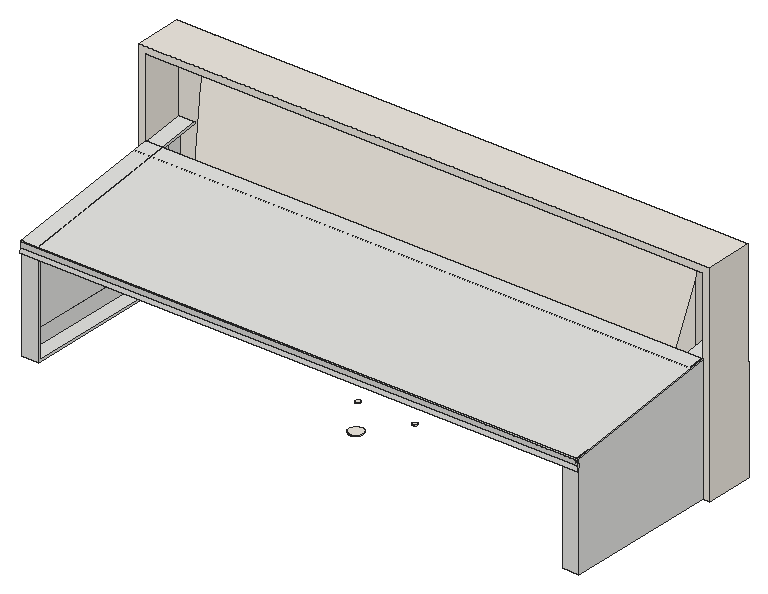
Revit family "Plumbing-Sink-Sloan-Valve-DSWD-82000", category Plumbing Fixtures, host Face, Revit 2019
Family settings
  Host = Face
  Round Connector Dimension = Use Diameter
  Part Type = Normal
  OmniClass Number = 23.45.05.14.14
  OmniClass Title = Sinks/Lavatories
  Cut with Voids When Loaded = No
  Shared = No
  Room Calculation Point = No
Parameters (values of type "DSWD-82000")
  Width = 60.00"  # constant formula
  Water Flow = 0.0 GPM
  Waste Connection = yes
  WFU = 2
  Vent Connection = no
  Valve Pressure Drop = 0.0 Pa
  URL = "www.sloanvalve.com"
  Sanitary Drain Connection Diameter = 1.50"
  Product data url = "https://bimobject.com/sloan_valve/product/sinks_designer-series_dswd-82000"
  Product Material = Sloan - Corian - Venaro White
  Product Guid = ""
  Part Number = ""
  Model = "DSWD-82000"
  Manufacturer = "Sloan Valve"  # constant formula
  Keynote = "10000"
  Hot Water Connection Diameter = 0.50"
  Height = 5.00"  # constant formula
  HWFU = 1.5
  HW Connection = yes
  z_Elevation [instance] = 34.00"  # constant formula
  Enclosure [instance] = yes
  Edition number = 1
  Description = "Designer Series™ 2-Station Wall-Mounted Weir Deck Sink."
  Depth = 22.00"  # constant formula
  Default Elevation = 0.00"  # constant formula
  Cold Water Connection Diameter = 0.50"
  CWFU = 1.5
  CW Connection = yes
  Assembly Code = "D2010400"
  ADA Compliant = 1 = 1  # yes
Reference planes (in)
  plane 1 "Center (Front/Back)": y = 0
  plane 2: z = 0
  plane 3 "Center (Left/Right)": x = 0
  plane 4: y = -14
  plane 5: y = -34
  plane 6: x = -15
  plane 7: z = 2.125
  plane 8: z = 2.75
  plane 9: x = -9
  plane 10: z = 2.125
  plane 11: x = 15
  plane 12: z = 2.75
  plane 13: x = 9
  plane 14: x = -30
  plane 15: x = 30
  plane 16: z = 22
Forms (in)
  Extrusion 1, solid, not visible
    sketch origin (0, 0, 0) x (1, 0, 0) y (0, 1, 0)
      loop
        circle (0, -14) r 0.75
      loop
        circle (3, -10) r 0.25
      loop
        circle (-3, -10) r 0.25
    from 0 to 0.50971
Dimensions and locks (in)
  plane 4 to plane 1 "Center (Front/Back)" = 14.00"
  "z_Elevation": plane 5 to plane 1 "Center (Front/Back)"
  aligned and locked: plane 2 to host face
  aligned and locked: level to host face
  aligned and locked: plane 3 "Center (Left/Right)" to nested 1
  aligned and locked: plane 1 "Center (Front/Back)" to nested 1
Automatic sketch dimensions
  host sketch curve to host sketch curve = 96.00"  (x2)
  Extrusion 1 sketch curve to plane 3 "Center (Left/Right)" = 0.00"
  Extrusion 1 sketch curve to plane 4 = 0.00"
  Extrusion 1 sketch curve to plane 3 "Center (Left/Right)" = 3.00"
  plane 3 "Center (Left/Right)" to Extrusion 1 sketch curve = 3.00"
  plane 4 to Extrusion 1 sketch curve = 4.00"  (x2)
  radius of Extrusion 1 sketch curve = 0.75"
  radius of Extrusion 1 sketch curve = 0.25"  (x2)
Nested families (in)
  nested 1: "Geometry" at (0, 0, 0), type "Geometry"
Connectors (in)
  piping at (0, -14, 0), diameter 1.5, driven by "WFU", driven by "Sanitary Drain Connection Diameter"
    settings: on Extrusion 1, index 2, connector inside diameter 24.00", connector length 0.00", flow factor 0, pipe flow 0.0 GPM, pressure drop 0.0 Pa, fitting loss kfactor 0, connector angle 0.00°, fixture units 2, engagement length 0.00", angle of deflection 0.00°, flow configuration 3, flow direction 2, fitting loss method 0, system type 16, joint type 0, gender type 0, connector reference index -1, connector utility 0, adjustable connector no, is connector primary yes, connector description "Sanitary Drain Connection"
  piping at (3, -10, 0), diameter 0.5, driven by "Cold Water Connection Diameter"
    settings: on Extrusion 1, index 3, connector inside diameter 24.00", connector length 0.00", flow factor 0, pipe flow 0.0 GPM, pressure drop 0.0 Pa, fitting loss kfactor 0, connector angle 0.00°, fixture units 1.5, engagement length 0.00", angle of deflection 0.00°, flow configuration 3, flow direction 1, fitting loss method 0, system type 20, joint type 0, gender type 0, connector reference index -1, connector utility 0, adjustable connector no, is connector primary no, connector description "Cold Water Connection"
  piping at (-3, -10, 0), diameter 0.5, driven by "Hot Water Connection Diameter"
    settings: on Extrusion 1, index 4, connector inside diameter 24.00", connector length 0.00", flow factor 0, pipe flow 0.0 GPM, pressure drop 0.0 Pa, fitting loss kfactor 0, connector angle 0.00°, fixture units 1.5, engagement length 0.00", angle of deflection 0.00°, flow configuration 3, flow direction 1, fitting loss method 0, system type 19, joint type 0, gender type 0, connector reference index -1, connector utility 0, adjustable connector no, is connector primary no, connector description "Hot Water Connection"
Definition of nested family "Geometry"
  Parameters (values of type "Geometry")
    URL = ""
    Product Material = none
    Model = ""
    Metal Material = none
    Manufacturer = ""
    Enclosure Material = none
    Enclosure = yes
    Description = ""
    Default Elevation = 34.00"
    Assembly Code = ""
  Reference planes (in)
    plane 1 "Center (Front/Back)": y = 0
    plane 2: z = 0
    plane 3 "Center (Left/Right)": x = 0
    plane 4: z = 22
    plane 5: z = 5
    plane 6: z = 7.5
    plane 7: x = 30
    plane 8: y = -5
    plane 9: y = -34
    plane 10: y = -14
    plane 11: z = 2.125
    plane 12: x = -30
    plane 13: y = -4
    plane 14: y = -10
    plane 15: x = -15
    plane 16: x = 15
  Forms (in)
    Extrusion 1, solid
      sketch origin (0, 0, 0) x (1, 0, 0) y (0, 1, 0)
        loop
          line (-48, 48) -> (-48, -48) -> (48, -48) -> (48, 48) -> (-48, 48)
      from 0 to -12
    Extrusion 2, solid, material <- "Product Material"
      sketch origin (-8.5, 0, 0) x (0, 1, 0) y (0, 0, 1)
        loop
          line (-5, 22) -> (-5, 21.25) -> (-0.98491, 21.25) -> (-4.57112, 8.25) -> (-5.75, 8.25) -> (-5.75, 4.25) -> (-0.75, 4.25) -> (-0.75, 0) -> (0, 0) -> (0, 5) -> (-5, 5) -> (-5, 7.5) -> (-4, 7.5) -> (0, 22) -> (-5, 22)
      from -17.5 to 34.5
    Sweep 3, solid, material <- "Product Material"
      path origin (15, 0, 0) x (1, 0, 0) y (0, 0, 1)
        loop
          line (15, 0) -> (15, 22) -> (11, 22)
      profile origin (30, 0, 22) x (0, 0, -1) y (0, -1, 0)
        loop
          line (0.75, 5) -> (0, 5) -> (0, 0) -> (0.75, 0) -> (0.75, 5)
    Extrusion 4, solid, material <- "Product Material"
      sketch origin (0, 0, 0) x (1, 0, 0) y (0, 0, 1)
        loop
          line (29.25, 22) -> (26, 22) -> (26, 0) -> (29.25, 0) -> (29.25, 22)
        loop
          line (-29.25, 22) -> (-29.25, 0) -> (-26, 0) -> (-26, 22) -> (-29.25, 22)
      from 0 to 0.75
    Sweep 5, solid, material <- "Product Material"
      path origin (0, 0, 0) x (-1, 0, 0) y (0, 0, 1)
        loop
          line (30, 0) -> (30, 22) -> (26, 22)
      profile origin (-30, 0, 22) x (0, 0, 1) y (0, -1, 0)
        loop
          line (-0.75, 5) -> (-0.75, 0) -> (0, 0) -> (0, 5) -> (-0.75, 5)
    Extrusion 6, solid, material <- "Metal Material"
      sketch origin (0, 0, 0) x (0, 1, 0) y (0, 0, 1)
        loop
          line (-4.5, 5.5625) -> (-4.5, 5.6875) -> (-5, 5.6875) -> (-5, 5.5625) -> (-4.5, 5.5625)
        loop
          line (-4.5, 6.1875) -> (-4.5, 6.3125) -> (-5, 6.3125) -> (-5, 6.1875) -> (-4.5, 6.1875)
        loop
          line (-4.5, 6.8125) -> (-4.5, 6.9375) -> (-5, 6.9375) -> (-5, 6.8125) -> (-4.5, 6.8125)
      from -24.25 to 24.25
    Extrusion 7, solid, material <- "Product Material"
      sketch origin (-17.5, 0, 0) x (1, 0, 0) y (0, 1, 0)
        loop
          line (-8.5, 0) -> (-8.5, -1.87117) -> (-7.13114, -5) -> (-6.75, -5) -> (-6.75, -4) -> (-8.5, 0)
      from 4.25 to 22
    Extrusion 8, solid, material <- "Product Material"
      sketch origin (17.5, 0, 0) x (-1, 0, 0) y (0, -1, 0)
        loop
          line (-8.5, 0) -> (-6.75, 4) -> (-6.75, 5) -> (-7.13114, 5) -> (-8.5, 1.87117) -> (-8.5, 0)
      from 4.25 to 22
    Extrusion 9, void
      sketch origin (0, 0, 0) x (0, 1, 0) y (0, 0, 1)
        loop
          line (-0.98491, 21.25) -> (-5, 21.25) -> (-5, 7.5) -> (-4.77801, 7.5) -> (-0.98491, 21.25)
      from -26 to 26
    Extrusion 10, void
      sketch origin (17.5, 0, 0) x (1, 0, 0) y (0, 1, 0)
        loop
          line (6.80301, -5.75) -> (8.5, -5.75) -> (8.5, -1.87117) -> (6.80301, -5.75)
      from 4.25 to 21.25
    Extrusion 11, void
      sketch origin (-17.5, 0, 0) x (-1, 0, 0) y (0, -1, 0)
        loop
          line (6.80301, 5.75) -> (8.5, 1.87117) -> (8.5, 5.75) -> (6.80301, 5.75)
      from 4.25 to 21.25
    Extrusion 12, solid, material <- "Product Material"
      sketch origin (-15, 0, 0) x (-1, 0, 0) y (0, -1, 0)
        loop
          circle (-18, 10) r 0.25
        loop
          circle (-12, 10) r 0.25
        loop
          circle (-15, 14) r 0.75
      from -0.02093 to 0
    Extrusion 13, solid, material <- "Enclosure Material", visible <- "Enclosure"
      sketch origin (44.97266, 25.62107, 59.38794) x (0, 1, 0) y (0, 0, 1)
        loop
          line (-30.62246, -47.25332) -> (-30.74068, -46.38635) -> (-32.10307, -46.57213) -> (-31.98485, -47.43911) -> (-30.62246, -47.25332)
        loop
          line (-32.03833, -47.50948) -> (-30.55208, -47.30681) -> (-30.6872, -46.31598) -> (-32.17344, -46.51865) -> (-32.03833, -47.50948)
        loop
          line (-45.48491, -49.28) -> (-45.60313, -48.41303) -> (-46.96553, -48.59881) -> (-46.8473, -49.46578) -> (-45.48491, -49.28)
        loop
          line (-45.41454, -49.33349) -> (-45.54965, -48.34265) -> (-47.0359, -48.54532) -> (-46.90078, -49.53615) -> (-45.41454, -49.33349)
      from -74.03516 to -15.91016
    Sweep 14, solid, material <- "Enclosure Material", visible <- "Enclosure"
      path origin (30.1875, 0.59528, 0) x (0, 1, 0) y (0, 0, 1)
        loop
          line (-1.09528, 13.69464) -> (-21.875, 10.86104) -> (-21.875, 0) -> (-1.09528, 0) -> (-1.09528, 13.69464)
      profile origin (30.1875, -0.5, 6.84732) x (1, 0, 0) y (0, 1, 0)
        loop
          line (-59.4375, 0) -> (-59.4375, -1.75) -> (-59.25, -1.75) -> (-59.25, -0.1875) -> (-57.6875, -0.1875) -> (-57.6875, 0) -> (-59.4375, 0)
    Sweep 15, solid, material <- "Enclosure Material", visible <- "Enclosure"
      path origin (29.8125, 0.59528, 0) x (0, 1, 0) y (0, 0, -1)
        loop
          line (-1.09528, -13.69464) -> (-1.09528, 0) -> (-21.875, 0) -> (-21.875, -10.86104) -> (-1.09528, -13.69464)
      profile origin (29.8125, -0.5, 6.84732) x (-1, 0, 0) y (0, -1, 0)
        loop
          line (0.5625, 0) -> (2.3125, 0) -> (2.3125, 0.1875) -> (0.75, 0.1875) -> (0.75, 1.75) -> (0.5625, 1.75) -> (0.5625, 0)
    Extrusion 16, solid, material <- "Enclosure Material", visible <- "Enclosure"
      sketch origin (14.88281, 25.66941, 59.31415) x (0, 1, 0) y (0, 0, 1)
        loop
          arc (-30.72266, -46.22421) -> (-30.69997, -46.19435) -> (-30.72983, -46.17166) r 0.02652
          line (-30.72983, -46.17166) -> (-47.06827, -48.39963)
          arc (-47.06827, -48.39963) -> (-47.12442, -48.44125) -> (-47.14314, -48.50859) r 0.10755
          line (-47.14314, -48.50859) -> (-47.0696, -49.04788) -> (-47.14957, -49.517) -> (-47.10028, -49.5254) -> (-47.01903, -49.04872) -> (-47.0933, -48.504)
          arc (-47.0933, -48.504) -> (-47.08629, -48.47456) -> (-47.0653, -48.45275) r 0.05755
          line (-47.0653, -48.45275) -> (-30.72266, -46.22421)
      from -44.13281 to 14.36719
    Extrusion 17, solid, material <- "Enclosure Material", visible <- "Enclosure"
      sketch origin (-88.49609, -192.125, 111) x (0, 0, 1) y (0, 1, 0)
        loop
          line (-97.30536, 191.625) -> (-111, 191.625) -> (-111, 170.84528) -> (-100.13896, 170.84528) -> (-97.30536, 191.625)
      from -59.24609 to -59.30859
    Extrusion 18, solid, material <- "Enclosure Material", visible <- "Enclosure"
      sketch origin (88.49609, -192.125, 111) x (0, 0, 1) y (0, -1, 0)
        loop
          line (-97.30536, -191.625) -> (-100.13896, -170.84528) -> (-111, -170.84528) -> (-111, -191.625) -> (-97.30536, -191.625)
      from -59.24609 to -59.30859
  Cuts and joins
    Extrusion 10, Extrusion 11 cuts Extrusion 2
    Extrusion 9, Extrusion 11 cuts Sweep 3
    Extrusion 9 cuts Extrusion 4
    Extrusion 9 cuts Extrusion 7
    Extrusion 9, Extrusion 11 cuts Extrusion 8
    joined: Extrusion 2, Sweep 3, Extrusion 4, Sweep 5, Extrusion 7, Extrusion 8
    joined: Sweep 15, Extrusion 18
    joined: Sweep 14, Extrusion 17
  Lines and regions (in)
    Masking region 1
      outline origin (0, 0, 0) x (1, 0, 0) y (0, 0, 1)
        loop
          line (30, 22) -> (-30, 22) -> (-30, 0) -> (30, 0) -> (30, 22)
    symbolic lines, detail levels medium+fine
      curve 1: line (26, 0, 22) -> (26, 0, 5)
      curve 2: line (26, 0, 5) -> (-26, 0, 5)
      curve 3: line (-26, 0, 5) -> (-26, 0, 22)
      curve 4: line (26, 0, 22) -> (24.25, 0, 7.5)
      curve 5: line (24.25, 0, 7.5) -> (24.25, 0, 5)
      curve 6: line (-26, 0, 22) -> (-24.25, 0, 7.5)
      curve 7: line (-24.25, 0, 7.5) -> (-24.25, 0, 5)
      curve 8: line (24.25, 0, 7.5) -> (-24.25, 0, 7.5)
    symbolic lines, detail levels fine
      curve 9: line (24.25, 0, 6.25) -> (-24.25, 0, 6.25)
      curve 10: line (24.25, 0, 6.87691) -> (-24.25, 0, 6.87691)
      curve 11: line (24.25, 0, 5.62309) -> (-24.25, 0, 5.62309)
      curve 12: circle (-15, 0, 2.125) r 0.625 normal (0, -1, 0)
      curve 13: circle (-9, 0, 2.75) r 0.5 normal (0, -1, 0)
      curve 14: circle (15, 0, 2.125) r 0.625 normal (0, 1, 0)
      curve 15: circle (9, 0, 2.75) r 0.5 normal (0, 1, 0)
  Dimensions and locks (in)
    plane 9 to plane 10 = 20.00"
    plane 1 "Center (Front/Back)" to plane 9 = 34.00"
    plane 8 to plane 1 "Center (Front/Back)" = 5.00"
    plane 5 to Extrusion 1 = 5.00"
    Extrusion 1 to plane 4 = 22.00"
    plane 12 to plane 7 = 60.00"
    plane 8 to plane 13 = 1.00"
    Extrusion 1 to plane 5 = 5.00"
    curve 12 to plane 12 = 15.00"
    locked: curve 13 to plane 15 at 6
    plane 14 to plane 9 = 24.00"
    aligned and locked: plane 2 to Extrusion 1
    aligned and locked: level to Extrusion 1
    aligned and locked: plane 11 to curve 12
